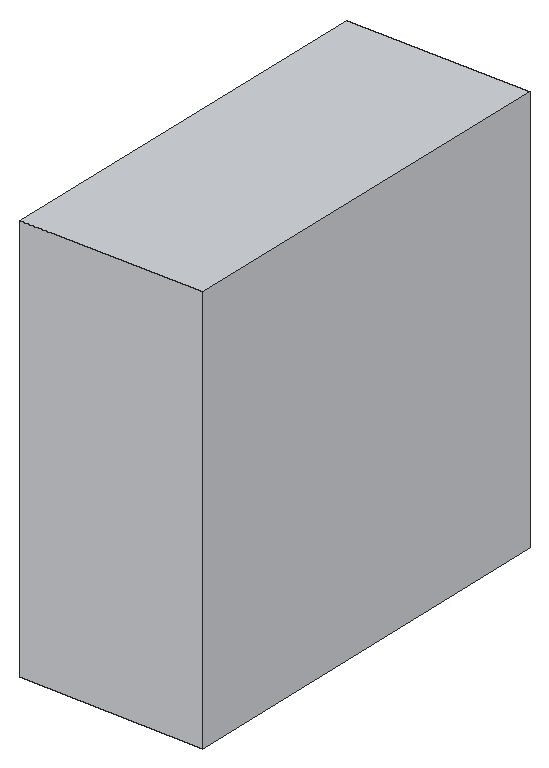
Revit family "M_Plugue - PVC - Sch 40", category Conexões de tubo, Revit 2019
Family settings
  Cota do conector redondo = Usar raio
  Tipo de parte = Cobertura
  Número OmniClass = 23.60.30.11.14
  Título OmniClass = Pipework Fittings
  ID de item do Seek = Plug - PVC - Sch 40-0000-CAN-ENU
  Com base no plano de trabalho = Não
  Sempre na vertical = Sim
  Corte com vazios quando carregada = Não
  Compartilhado = Não
Parameters (values of type "Padrão")
  Comprimento do macho de torneira [instance] = size_lookup(Nome da tabela de pesquisa, "SLgt", 0.4 * Diâmetro nominal + 17.066 mm, Diâmetro nominal)  # 19.05 mm
  Raio nominal [instance] = 7.5 mm
  Diâmetro nominal [instance] = Raio nominal * 2  # 15 mm
  Método de perda = Não definido
  Nome da tabela de pesquisa = "M_Plug - PVC - Sch 40"
  Altura [instance] = size_lookup(Nome da tabela de pesquisa, "Hgt", 0.51 * Diâmetro nominal + 20.538 mm, Diâmetro nominal)  # 23.825 mm
  Largura da extremidade superior [instance] = 0.5 * Diâmetro externo da conexão  # 10.668 mm
  Altura da extremidade [instance] = Altura - Comprimento do macho de torneira  # 4.775 mm
  Raio externo da conexão [instance] = Diâmetro externo da conexão / 2  # 10.668 mm
  Diâmetro externo da conexão [instance] = size_lookup(Nome da tabela de pesquisa, "FOD", 1.05 * Diâmetro nominal + 7.541 mm, Diâmetro nominal)  # 21.336 mm
Reference planes
  plane 1 "Centro (Frente/Trás)": y = 0
  plane 2: z = 0
  plane 3 "Centro (Esquerda/Direita)": x = 0
  plane 4: x = 4.775
  plane 5: y = 5.334
  plane 6: y = -5.334
  plane 7: z = 5.334
  plane 8: z = -5.334
Forms (mm)
  Extrusion 1, solid, detail levels fine
    sketch origin (0, 0, 0) x (1, 0, 0) y (0, 1, 0)
      loop
        line (0, 5.334) -> (0, -5.334) -> (4.775, -5.334) -> (4.775, 5.334) -> (0, 5.334)
    from -5.334 to 5.334
Lines and regions (mm)
  model lines, detail levels coarse+medium
    curve 1: line (0, 5.334, 0) -> (4.775, 5.334, 0)
    curve 2: line (4.775, 5.334, 0) -> (4.775, -5.334, 0)
    curve 3: line (0, -5.334, 0) -> (4.775, -5.334, 0)
Dimensions and locks
  "Altura da extremidade": plane 3 "Centro (Esquerda/Direita)" to plane 4
  equal spacing: plane 5, plane 1 "Centro (Frente/Trás)", plane 6
  "Largura da extremidade superior": plane 5 to plane 6
  equal spacing: plane 7, plane 2, plane 8
  "Largura da extremidade superior": plane 7 to plane 8
  aligned and locked: Extrusion 1 sketch curve to plane 5
  aligned and locked: Extrusion 1 sketch curve to plane 4
  aligned and locked: plane 6 to Extrusion 1 sketch curve
  aligned and locked: plane 3 "Centro (Esquerda/Direita)" to Extrusion 1 sketch curve
  aligned and locked: plane 7 to Extrusion 1
  aligned and locked: plane 8 to Extrusion 1
  aligned and locked: plane 3 "Centro (Esquerda/Direita)" to curve 1
  aligned and locked: curve 1 to plane 5
  aligned and locked: curve 2 to plane 4
  aligned and locked: plane 5 to curve 2
  aligned and locked: plane 6 to curve 2
  aligned and locked: plane 3 "Centro (Esquerda/Direita)" to curve 3
  aligned and locked: plane 4 to curve 3
  aligned and locked: curve 3 to plane 6
Connectors
  piping at (0, 0, 0), diameter 15, driven by "Raio nominal"
    settings: on Extrusion 1, index 1, connector inside diameter 15 mm, connector length 0 mm, flow factor 0, pipe flow 0.0 L/s, pressure drop 0.0 Pa, fitting loss kfactor 0, connector angle 0.00°, fixture units 0, engagement length 0 mm, angle of deflection 0.00°, flow configuration 0, flow direction 0, fitting loss method 0, system type 28, joint type 0, gender type 0, connector reference index -1, connector utility 0, adjustable connector no, is connector primary yes, connector description ""
